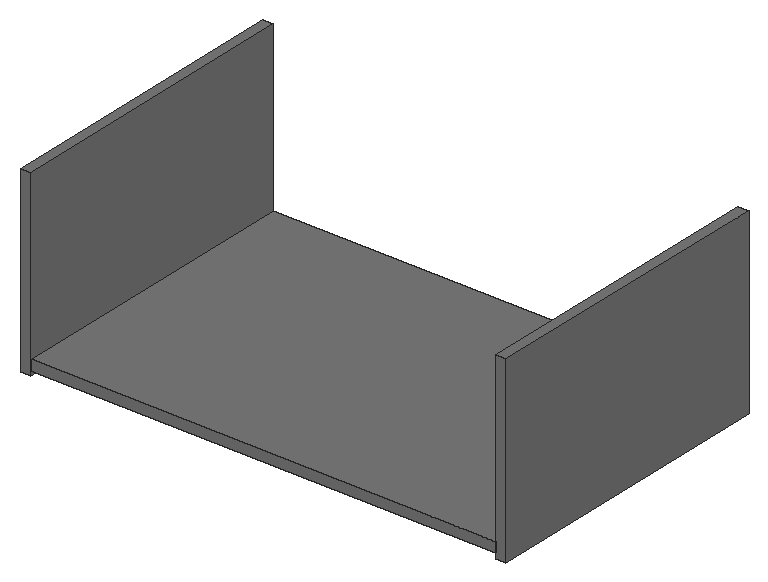
Revit family "46d55b635d4e48c2931a050bc5fc6aa9", category Furniture Systems, Revit 2021
Family settings
  Round Connector Dimension = Use Diameter
  Part Type = Normal
  OmniClass Number = 23.40.70.14.64.21
  OmniClass Title = Systems Furniture
  Work Plane-Based = No
  Always vertical = Yes
  Cut with Voids When Loaded = No
  Shared = No
  Room Calculation Point = No
Parameters (values of type "24" x 15" x 9"")
  Width = 24"
  Type Comments = "24\" x 15\" x 9\" Overhead Shelf"
  Model = ""
  Manufacturer = ""
  Height = 9"
  Description = ""
  Depth = 15"
  Shelf Material [instance] = Metal - Paint - Black
  Default Elevation = 0"
Types (5): name | Width | Type Comments
  30" x 15" x 9" | 30" | "30\" x 15\" x 9\" Overhead Shelf"
  24" x 15" x 9" | 24" | "24\" x 15\" x 9\" Overhead Shelf"
  36" x 15" x 9" | 36" | "36\" x 15\" x 9\" Overhead Shelf"
  42" x 15" x 9" | 42" | "42\" x 15\" x 9\" Overhead Shelf"
  48" x 15" x 9" | 48" | "48\" x 15\" x 9\" Overhead Shelf"
Reference planes (in)
  plane 1 "Center (Front/Back)": y = 15
  plane 2: z = 0
  plane 3 "Center (Left/Right)": x = 0
  plane 4 "Left": x = -12
  plane 5 "Right": x = 12
  plane 6 "Front": y = 0
  plane 7 "Top": z = 9
  plane 8: z = 0.75
  plane 9: x = -11.5
  plane 10: x = 11.5
  plane 11: z = 0.25
Forms (in)
  Extrusion 1, solid, material "Metal - Paint - Black" <- "Shelf Material"
    sketch origin (0, 22, 0) x (1, 0, 0) y (0, 1, 0)
      loop
        line (-11.5, -7) -> (-11.5, -22) -> (11.5, -22) -> (11.5, -7) -> (-11.5, -7)
    from 0.25 to 0.75
  Extrusion 2, solid, material "Metal - Paint - Black" <- "Shelf Material"
    sketch origin (0, 0, 0) x (-1, 0, 0) y (0, 0, 1)
      loop
        line (12, 9) -> (11.5, 9) -> (11.5, 0) -> (12, 0) -> (12, 9)
      loop
        line (-11.5, 9) -> (-12, 9) -> (-12, 0) -> (-11.5, 0) -> (-11.5, 9)
    from 0 to 15
Lines and regions (in)
  Masking region 1
    outline origin (0, 22, 0) x (1, 0, 0) y (0, 1, 0)
      loop
        line (-12, -7) -> (-12, -22) -> (12, -22) -> (12, -7) -> (-12, -7)
  symbolic lines, style "Storage"
    curve 1: line (-11.5, 15, 17) -> (-11.5, 0, 17)
    curve 2: line (11.5, 15, 17) -> (11.5, 0, 17)
Dimensions and locks (in)
  "Width": plane 4 "Left" to plane 5 "Right"
  "Depth": plane 6 "Front" to plane 1 "Center (Front/Back)"
  equal spacing: plane 4 "Left", plane 3 "Center (Left/Right)", plane 5 "Right"
  "Height": plane 7 "Top" to plane 2
  plane 8 to plane 2 = 3/4"
  locked: plane 4 "Left" to plane 9 at 0.5
  locked: plane 5 "Right" to plane 10 at 0.5
  locked: plane 11 to plane 2 at 0.25
  aligned and locked: plane 1 "Center (Front/Back)" to Extrusion 1 sketch curve
  aligned and locked: level to plane 2
  aligned and locked: plane 1 "Center (Front/Back)" to Masking region 1 sketch curve
  aligned and locked: Masking region 1 sketch curve to plane 5 "Right"
  aligned and locked: plane 4 "Left" to Masking region 1 sketch curve
  aligned: Extrusion 1 to plane 2
  aligned: plane 7 "Top" to Extrusion 1
  aligned and locked: plane 8 to Extrusion 1
  aligned and locked: Extrusion 2 sketch curve to plane 7 "Top"  (x2)
  aligned and locked: plane 9 to Extrusion 2 sketch curve
  aligned and locked: plane 4 "Left" to Extrusion 2 sketch curve
  aligned and locked: plane 2 to Extrusion 2 sketch curve  (x2)
  aligned and locked: plane 10 to Extrusion 2 sketch curve
  aligned and locked: Extrusion 2 sketch curve to plane 5 "Right"
  aligned and locked: Extrusion 2 to plane 1 "Center (Front/Back)"
  aligned and locked: Extrusion 1 to plane 6 "Front"
  aligned and locked: Extrusion 2 to plane 6 "Front"
  aligned and locked: Extrusion 1 to plane 11
  aligned and locked: Extrusion 1 sketch curve to plane 9
  aligned and locked: Extrusion 1 sketch curve to plane 10
  aligned and locked: plane 1 "Center (Front/Back)" to curve 1
  aligned and locked: plane 1 "Center (Front/Back)" to curve 2
  aligned and locked: plane 6 "Front" to curve 2
  aligned and locked: plane 6 "Front" to curve 1
  aligned and locked: plane 9 to curve 1
  aligned and locked: curve 2 to plane 10
Automatic sketch dimensions
  Masking region 1 sketch curve to plane 6 "Front" = 0"
  Extrusion 1 sketch curve to plane 6 "Front" = 0"
